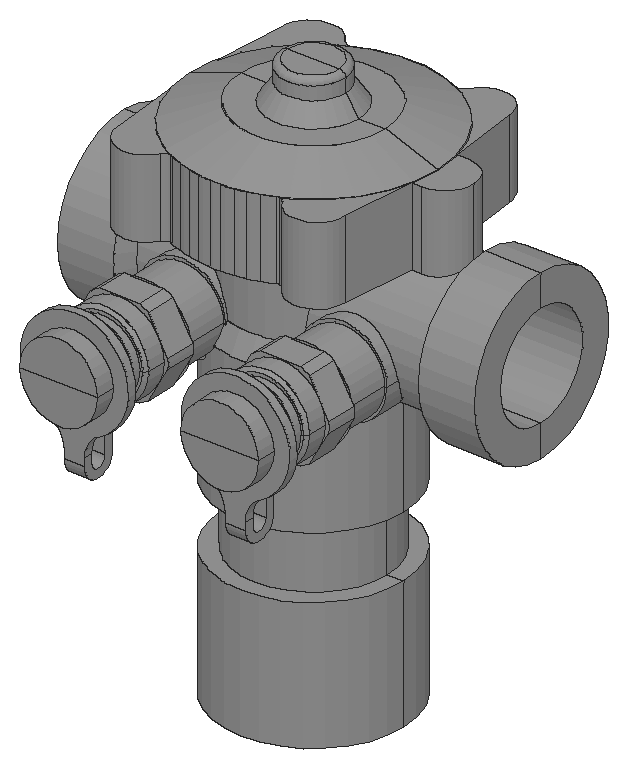
Revit family "Kombiventil 4206_M_SMART_LF_MF", category Rohrzubehör, Revit 2018
Family settings
  Bemaßung runder Anschluss = Durchmesser verwenden
  Teiletyp = Unterbricht
  OmniClass-Nummer = 23.65.55.14
  OmniClass-Titel = Valves for Liquid Services
  Arbeitsebenenbasiert = Nein
  Immer vertikal = Ja
  Beim Laden mit Abzugskörper schneiden = Nein
  Gemeinsam genutzt = Nein
Parameters (values of type "LF")
  min.Betriebstemperatur (reines Wasser) = 2 °C  # constant formula
  min.Betriebstemperatur (Frostschutz) = -20 °C  # constant formula
  max.Differenzdruck = 400000.0 Pa  # constant formula
  max.Betriebstemperatur bis DN32 = 130 °C  # constant formula
  max.Betriebstemperatur ab DN40 = 110 °C  # constant formula
  max.Betriebsdruck = 1600000.0 Pa  # constant formula
  URL = "www.herz-armaturen.at"
  Stift = "Edelstahl 14301"  # constant formula
  SCRNSEQ = "ARM;ARM_TYP=\"DURR\";2"
  SCRNCODE = "05;04;02"  # constant formula
  S04 [instance] = R01 * 2  # 30.00 mm
  S01 [instance] = L01 + L02  # 75.00 mm
  R02 [instance] = size_lookup("4206M_LF_MF_S", "R2", 9.32 mm, Nennweite)  # 9.316 mm
  R01 [instance] = size_lookup("4206M_LF_MF_S", "R1", 15.00 mm, Nennweite)  # 15.00 mm
  PN = 25  # constant formula
  O-Ringe = "EPDM"  # constant formula
  Membrangehäuse = "Messing CW602N"  # constant formula
  Membrane = "EPDM"  # constant formula
  Medium = "Wasserbeschaffenheit nach ÖNORM H 5195 und VDI 2035.\r\nDie Verwendung von Ethylen- und Propylenglykol ist im Mischungsverhältnis 25 - 50 Vol. [%] zulässig."
  MF [instance] = no
  LF [instance] = yes
  L06 = 3.44 mm  # constant formula
  Impulsleitung = "Kupfer Cu-DHP (CW024A)"  # constant formula
  Hub = 4.00 mm  # constant formula
  Hersteller = "Herz-Armaturen GmbH"  # constant formula
  H10 = 22.33 mm  # constant formula
  Gehäuse = "DZR Messing CC770S"  # constant formula
  Druckfeder = "Federstahl"  # constant formula
  Bestellnummer [instance] = if(and(LF, Nennweite = 15.00 mm), 1420620, if(and(MF, Nennweite = 15.00 mm), 1420629, 0))  # 1420620
  Bauschutzkappe = "Kunststoff"  # constant formula
  B15 = 23.00 mm  # constant formula
  B14 = 8.73 mm  # constant formula
  B13 = 40.79 mm  # constant formula
  B12 = 36.73 mm  # constant formula
  B11 = 34.69 mm  # constant formula
  B10 = 31.75 mm  # constant formula
  B09 [instance] = size_lookup("4206M_LF_MF_S", "B9", 3.30 mm, Nennweite)  # 3.30 mm
  Nennweite [instance] = 15.00 mm
  L05 = 3.44 mm  # constant formula
  L04 [instance] = size_lookup("4206M_LF_MF_S", "L4", 12.00 mm, Nennweite)  # 12.00 mm
  L03 [instance] = size_lookup("4206M_LF_MF_S", "L3", 10.00 mm, Nennweite)  # 10.00 mm
  L02 = 34.00 mm  # constant formula
  L01 = 41.00 mm  # constant formula
  H09 = 1.08 mm  # constant formula
  H08 = 4.24 mm  # constant formula
  H07 = 28.19 mm  # constant formula
  H06 = 24.02 mm  # constant formula
  H05 = 10.06 mm  # constant formula
  H04 = 6.74 mm  # constant formula
  H03 = 3.46 mm  # constant formula
  H02 [instance] = size_lookup("4206M_LF_MF_S", "H2", 65.00 mm, Nennweite)  # 67.00 mm
  H01 = 35.00 mm  # constant formula
  B08 = 23.05 mm  # constant formula
  B07 [instance] = size_lookup("4206M_LF_MF_S", "B7", 16.50 mm, Nennweite)  # 16.50 mm
  B06 = 5.86 mm  # constant formula
  B05 = 3.70 mm  # constant formula
  B04 = 6.75 mm  # constant formula
  B03 = 7.93 mm  # constant formula
  B02 [instance] = size_lookup("4206M_LF_MF_S", "B2", 12.50 mm, Nennweite)  # 12.50 mm
  B01 = 41.62 mm  # constant formula
  Anwendungsgebiet = "Das Kombiventil wird in allen pumpenbetriebenen Heiz- und Kühlanlagen eingesetzt. Der Regler begrenzt automatisch\r\nden Volumenstrom im gewählten Anlagenteil auf den einmal eingestellten Wert, indem alle Druckschwankungen\r\ngemessen und ausgeregelt werden. Somit sind keine Messungen erforderlich und die Regelung ist bei allen\r\nBetriebsbedingungen effektiv. Das Kombiventil regelt den Volumenstrom der ventileigenen Voreinstellung auf einen\r\nkonstanten Wert; die Membran regelt aufgrund des Druckes unmittelbar nach dem Regeleinsatz, sowie des Druckes\r\ndavor.\r\nDie Voreinstellung bezieht sich direkt auf den Volumenstrom; entsprechend kann die maximale Durchflussmenge bei\r\nder Montage direkt nach dem Diagramm eingestellt werden."
Types (3, lengths in mm): name | MF | LF | Bestellnummer
  (no name) | no | yes | 1420620
  LF | no | yes | 1420620
  MF | yes | no | 1420629
Reference planes
  plane 1 "Mitte (Vorne/hinten)": y = 0
  plane 2: z = 0
  plane 3 "Mitte (Links/rechts)": x = 0
Forms (mm)
  Revolve 1, solid, material "Messing, weicher Gelbton, geschweißt", detail levels fine
    sketch origin (0, 0, 0) x (1, 0, 0) y (0, 0, 1)
      loop
        line (0, -67) -> (16.292, -67) -> (16.292, -43.477) -> (13.292, -43.477) -> (13.292, -32.232) -> (16.292, -32.232) -> (16.292, -6.497) -> (14.505, -2.652) -> (14.505, 6.81) -> (22.33, 10.98) -> (22.33, 24.94) -> (12.949, 28.26) -> (8.129, 28.26) -> (5.75, 31.54) -> (5.75, 33.92)
        arc (5.75, 33.92) -> (5.434, 34.684) -> (4.67, 35) r 1.08
        line (4.67, 35) -> (0, 35) -> (0, -67)
      axis (0, 35) -> (0, -67)
    angle from 0 to 360
  Revolve 2, solid, material "Messing, weicher Gelbton, geschweißt", detail levels fine
    sketch origin (0, 0, -3.3) x (1, 0, 0) y (0, 1, 0)
      loop
        line (-20.43, -13.942) -> (-12.5, -13.942) -> (-12.5, -8.046) -> (-20.43, -8.046) -> (-20.43, -13.942)
      axis (-12.5, -8.046) -> (-12.5, -13.942)
    angle from 0 to 360
  Revolve 3, solid, material "Messing, weicher Gelbton, geschweißt", detail levels fine
    sketch origin (0, 0, 0) x (-1, 0, 0) y (0, 0, 1)
      loop
        line (34, 9.316) -> (34, 15) -> (24, 15) -> (22.317, 12) -> (-29.317, 12) -> (-31, 15) -> (-41, 15) -> (-41, 9.315) -> (-27.815, 9.315) -> (-27.815, 0) -> (20.815, 0) -> (20.815, 9.315) -> (34, 9.316)
      axis (-41, 0) -> (34, 0)
    angle from 0 to 360
  Extrusion 4, solid, material "Messing, weicher Gelbton, geschweißt", detail levels fine
    sketch origin (0, 0, 25.912) x (-1, 0, 0) y (0, -1, 0)
      loop
        arc (-20.427, -18.385) -> (-16.688, -23.223) -> (-11.063, -20.825) r 5
        arc (-11.063, -20.825) -> (-10.486, -20.308) -> (-9.758, -20.047) r 2.018
        arc (-9.758, -20.047) -> (0, -22.329) -> (9.758, -20.047) r 22
        arc (9.758, -20.047) -> (10.486, -20.308) -> (11.063, -20.825) r 2.018
        arc (11.063, -20.825) -> (16.688, -23.223) -> (20.427, -18.385) r 5
        arc (20.427, -18.385) -> (22, 0) -> (20.427, 18.385) r 108.221
        arc (20.427, 18.385) -> (16.688, 23.223) -> (11.063, 20.825) r 5
        arc (11.063, 20.825) -> (10.486, 20.308) -> (9.758, 20.047) r 2.018
        arc (9.758, 20.047) -> (0, 22.329) -> (-9.758, 20.047) r 22
        arc (-9.758, 20.047) -> (-10.486, 20.308) -> (-11.063, 20.825) r 2.018
        arc (-11.063, 20.825) -> (-16.688, 23.223) -> (-20.427, 18.385) r 5
        arc (-20.427, 18.385) -> (-21.356, 11.79) -> (-21.877, 5.15) r 108.221
        line (-21.877, 5.15) -> (-23.7, 5.15)
        arc (-23.7, 5.15) -> (-27.342, 3.642) -> (-28.85, 0) r 5.15
        arc (-28.85, 0) -> (-27.342, -3.642) -> (-23.7, -5.15) r 5.15
        line (-23.7, -5.15) -> (-21.877, -5.15)
        arc (-21.877, -5.15) -> (-21.356, -11.79) -> (-20.427, -18.385) r 108.221
    from -14.932 to -0.972
  Revolve 5, solid, material "Messing, weicher Gelbton, geschweißt", detail levels fine
    sketch origin (0, 0, -3.3) x (-1, 0, 0) y (0, -1, 0)
      loop
        line (-24.43, 13.942) -> (-24.43, 8.046) -> (-16.5, 8.046) -> (-16.5, 13.942) -> (-24.43, 13.942)
      axis (-16.5, 8.046) -> (-16.5, 13.942)
    angle from 0 to 360
Lines and regions (mm)
  model lines, detail levels coarse+medium
    curve 1: line (37.5, -15, 0) -> (37.5, 15, 0)
    curve 2: line (37.5, 15, 0) -> (-37.5, -15, 0)
    curve 3: line (-37.5, -15, 0) -> (-37.5, 15, 0)
    curve 4: line (-37.5, 15, 0) -> (37.5, -15, 0)
    curve 5: line (-37.5, 14.673, 0) -> (0, -6.74, 0)
    curve 6: line (0, -6.74, 0) -> (37.5, 14.673, 0)
    curve 7: line (0, -6.74, 0) -> (0, -24.94, 0)
    curve 8: spline (-22.33, -29.97, 0) -> (-21.569, -28.668, 0) -> (-19.338, -27.455, 0) -> (-15.79, -26.413, 0) -> (-11.165, -25.614, 0) -> (-5.779, -25.111, 0) -> (0, -24.94, 0) -> (5.779, -25.111, 0) -> (11.165, -25.614, 0) -> (15.79, -26.413, 0) -> (19.338, -27.455, 0) -> (21.569, -28.668, 0) -> (22.33, -29.97, 0) -> (21.569, -31.272, 0) -> (19.338, -32.485, 0) -> (15.79, -33.527, 0) -> (11.165, -34.326, 0) -> (5.779, -34.829, 0) -> (0, -35, 0) -> (-5.779, -34.829, 0) -> (-11.165, -34.326, 0) -> (-15.79, -33.527, 0) -> (-19.338, -32.485, 0) -> (-21.569, -31.272, 0) -> (-22.33, -29.97, 0)
    curve 9: line (-37.5, 0, 15) -> (-37.5, 0, -15)
    curve 10: line (-37.5, 0, -15) -> (37.5, 0, 15)
    curve 11: line (37.5, 0, 15) -> (37.5, 0, -15)
    curve 12: line (37.5, 0, -15) -> (-37.5, 0, 15)
    curve 13: line (37.5, 0, -15) -> (0, 0, 6.74)
    curve 14: line (0, 0, 6.74) -> (-37.5, 0, -15)
    curve 15: line (0, 0, 6.74) -> (0, 0, 24.94)
    curve 16: spline (-22.33, 0, 29.97) -> (-21.569, 0, 31.272) -> (-19.338, 0, 32.485) -> (-15.79, 0, 33.527) -> (-11.165, 0, 34.326) -> (-5.779, 0, 34.829) -> (0, 0, 35) -> (5.779, 0, 34.829) -> (11.165, 0, 34.326) -> (15.79, 0, 33.527) -> (19.338, 0, 32.485) -> (21.569, 0, 31.272) -> (22.33, 0, 29.97) -> (21.569, 0, 28.668) -> (19.338, 0, 27.455) -> (15.79, 0, 26.413) -> (11.165, 0, 25.614) -> (5.779, 0, 25.111) -> (0, 0, 24.94) -> (-5.779, 0, 25.111) -> (-11.165, 0, 25.614) -> (-15.79, 0, 26.413) -> (-19.338, 0, 27.455) -> (-21.569, 0, 28.668) -> (-22.33, 0, 29.97)
Dimensions and locks
  "H01": Revolve 1 sketch curve to plane 2
  "H02": plane 2 to Revolve 1 sketch curve
  "H03": Revolve 1 sketch curve to Revolve 1 sketch curve
  "H04": Revolve 1 sketch curve to Revolve 1 sketch curve
  "H05": Revolve 1 sketch curve to Revolve 1 sketch curve
  "H06": Revolve 1 sketch curve to Revolve 1 sketch curve
  "H07": Revolve 1 sketch curve to Revolve 1 sketch curve
  "H08": Revolve 1 sketch curve to Revolve 1 sketch curve
  "B03": Revolve 2 sketch curve to Revolve 2 sketch curve
  "L02": plane 3 "Mitte (Links/rechts)" to Revolve 3 sketch curve
  "L01": Revolve 3 sketch curve to plane 3 "Mitte (Links/rechts)"
  "B03": Revolve 5 sketch curve to Revolve 5 sketch curve
  "L03": Revolve 3 sketch curve to Revolve 3 sketch curve  (x2)
  "L04": Revolve 3 sketch curve to plane 2
  "L05": Revolve 3 sketch curve to Revolve 3 sketch curve
  "R01": Revolve 3 sketch curve to plane 2  (x2)
  "R02": Revolve 3 sketch curve to plane 2  (x2)
  "B02": Revolve 2 sketch curve to plane 3 "Mitte (Links/rechts)"
  "B07": plane 3 "Mitte (Links/rechts)" to Revolve 5 sketch curve
  "L06": Revolve 3 sketch curve to Revolve 3 sketch curve
  "S01": curve 3 to curve 1
  equal spacing: curve 3, plane 3 "Mitte (Links/rechts)", curve 1
  "S04": curve 4 to curve 3
  "S04": curve 2 to curve 4
  equal spacing: curve 3, plane 1 "Mitte (Vorne/hinten)", curve 4
  equal spacing: curve 4, plane 1 "Mitte (Vorne/hinten)", curve 2
  "H10": plane 3 "Mitte (Links/rechts)" to Revolve 1 sketch curve
  "H10": curve 8 to plane 3 "Mitte (Links/rechts)" to curve 8
  "H05": curve 8 to curve 8
  "H01": curve 8 to plane 1 "Mitte (Vorne/hinten)"
  "H04": curve 7 to plane 1 "Mitte (Vorne/hinten)"
  "S01": curve 9 to curve 11
  "S04": curve 12 to curve 14
  "S04": curve 11 to curve 13
  equal spacing: curve 9, plane 3 "Mitte (Links/rechts)", curve 11
  "H04": curve 15 to plane 2
  "H10": curve 16 to plane 3 "Mitte (Links/rechts)" to curve 16
  "H05": curve 16 to curve 16
  "H01": curve 16 to level
  plane 2 to Revolve 1 sketch curve = 32.232 mm
  plane 2 to Revolve 1 sketch curve = 43.477 mm
  "B09": plane 2 to Revolve 2
  "B09": plane 2 to Revolve 5
  "B09": plane 2 to nested 3
  "B09": plane 2 to nested 2
  "B01": nested 3 to plane 1 "Mitte (Vorne/hinten)"
  "B01": nested 2 to plane 1 "Mitte (Vorne/hinten)"
  "H09": radius of Revolve 1 sketch curve
  aligned and locked: level to plane 2
  aligned and locked: Extrusion 4 to Revolve 1
  aligned and locked: Revolve 1 to Extrusion 4
Automatic sketch dimensions
  Extrusion 4 sketch curve to Extrusion 4 sketch curve = 0.00 mm  (x5)
  plane 1 "Mitte (Vorne/hinten)" to Extrusion 4 sketch curve = 0.00 mm  (x3)
  Extrusion 4 sketch curve to plane 3 "Mitte (Links/rechts)" = 0.00 mm  (x2)
  plane 3 "Mitte (Links/rechts)" to Extrusion 4 sketch curve = 9.452 mm  (x2)
  Extrusion 4 sketch curve to Extrusion 4 sketch curve = 5.975 mm  (x4)
  Extrusion 4 sketch curve to plane 1 "Mitte (Vorne/hinten)" = 5.15 mm
  Extrusion 4 sketch curve to Extrusion 4 sketch curve = 6.45 mm
  Extrusion 4 sketch curve to Extrusion 4 sketch curve = 1.823 mm
  Extrusion 4 sketch curve to Extrusion 4 sketch curve = 57.371 mm
  Extrusion 4 sketch curve to plane 3 "Mitte (Links/rechts)" = 9.452 mm  (x2)
  Extrusion 4 sketch curve to Extrusion 4 sketch curve = 70.794 mm
  Extrusion 4 sketch curve to Extrusion 4 sketch curve = 13.235 mm  (x2)
  Extrusion 4 sketch curve to plane 1 "Mitte (Vorne/hinten)" = 18.385 mm
  Extrusion 4 sketch curve to Extrusion 4 sketch curve = 3.657 mm  (x4)
  plane 1 "Mitte (Vorne/hinten)" to Extrusion 4 sketch curve = 0.329 mm
  plane 1 "Mitte (Vorne/hinten)" to Extrusion 4 sketch curve = 18.385 mm
  Extrusion 4 sketch curve to Extrusion 4 sketch curve = 0.306 mm  (x3)
  Extrusion 4 sketch curve to Extrusion 4 sketch curve = 1.305 mm  (x3)
  Extrusion 4 sketch curve to Extrusion 4 sketch curve = 5.00 mm
  Extrusion 4 sketch curve to plane 1 "Mitte (Vorne/hinten)" = 0.329 mm
  Extrusion 4 sketch curve to Extrusion 4 sketch curve = 1.611 mm
  curve 6 to plane 3 "Mitte (Links/rechts)" = 0.00 mm
  curve 6 to curve 1 = 0.327 mm
  curve 5 to curve 3 = 0.327 mm
  Revolve 1 sketch curve to plane 3 "Mitte (Links/rechts)" = 0.00 mm  (x2)
  plane 3 "Mitte (Links/rechts)" to Revolve 1 sketch curve = 4.67 mm
  Revolve 1 sketch curve to Revolve 1 sketch curve = 2.379 mm
  Revolve 1 sketch curve to Revolve 1 sketch curve = 4.82 mm
  plane 3 "Mitte (Links/rechts)" to Revolve 1 sketch curve = 13.292 mm
  Revolve 1 sketch curve to Revolve 1 sketch curve = 7.825 mm
  Revolve 1 sketch curve to Revolve 1 sketch curve = 3.00 mm  (x2)
  Revolve 1 sketch curve to level = 6.497 mm
  Revolve 1 sketch curve to Revolve 1 sketch curve = 292.892 mm
  Revolve 1 sketch curve to Revolve 1 sketch curve = 2176.299 mm
  plane 1 "Mitte (Vorne/hinten)" to Revolve 2 sketch curve = 13.942 mm
  Revolve 2 sketch curve to Revolve 2 sketch curve = 5.896 mm
  Revolve 2 sketch curve to Revolve 2 sketch curve = 0.00 mm  (x2)
  Revolve 2 sketch curve to Revolve 2 sketch curve = 27.678 mm
  Revolve 3 sketch curve to level = 0.00 mm  (x2)
  Revolve 3 sketch curve to Revolve 3 sketch curve = 1.501 mm  (x2)
  Revolve 3 sketch curve to Revolve 3 sketch curve = 1315.107 mm
  Revolve 3 sketch curve to Revolve 3 sketch curve = 1862.053 mm
  plane 1 "Mitte (Vorne/hinten)" to Revolve 5 sketch curve = 8.046 mm
  Revolve 5 sketch curve to Revolve 5 sketch curve = 5.896 mm
  Revolve 5 sketch curve to Revolve 5 sketch curve = 0.00 mm  (x2)
  Revolve 5 sketch curve to Revolve 5 sketch curve = 27.678 mm
  curve 14 to plane 3 "Mitte (Links/rechts)" = 0.00 mm
  curve 11 to level = 15.00 mm
  curve 14 to level = 15.00 mm
Nested families
  nested 1: "Herz-Logo-vorne" at (0, -16.164, -15) x (0, 1, 0) z (0, 0, 1), type "Herz-Logo-vorne", detail levels fine
  nested 2: "Messstutzen_Band_Eintritt" at (16.5, -4.942, -3.3), type "Messstutzen_Band_Eintritt"
    with Schutzkappe yes, Nennweite 0.00 mm, Gewicht 0.00 kg, Bestellnummer 0
  nested 3: "Messstutzen_Band_Austritt" at (-12.5, -4.942, -3.3), type "Messstutzen_Band_Austritt"
    with Schutzkappe yes, Nennweite 0.00 mm, Gewicht 0.00 kg, Bestellnummer 0
Connectors
  piping at (-20.815, 0, 0), diameter 15, driven by "Nennweite"
    settings: on Revolve 3, index 1, connector inside diameter 609.6 mm, connector length 0.00 mm, flow factor 0, pipe flow 0.0 L/s, pressure drop 0.0 Pa, fitting loss kfactor 0, connector angle 0.00°, fixture units 0, engagement length 0.00 mm, angle of deflection 0.00°, flow configuration 0, flow direction 2, fitting loss method 0, system type 29, joint type 0, gender type 0, connector reference index -1, connector utility 0, adjustable connector no, is connector primary yes, connector description ""
  piping at (27.815, 0, 0), diameter 15, driven by "Nennweite"
    settings: on Revolve 3, index 2, connector inside diameter 609.6 mm, connector length 0.00 mm, flow factor 0, pipe flow 0.0 L/s, pressure drop 0.0 Pa, fitting loss kfactor 0, connector angle 0.00°, fixture units 0, engagement length 0.00 mm, angle of deflection 0.00°, flow configuration 0, flow direction 1, fitting loss method 0, system type 29, joint type 0, gender type 0, connector reference index -1, connector utility 0, adjustable connector no, is connector primary no, connector description ""
Definition of nested family "Herz-Logo-vorne"
  Reference planes
    plane 1 "Mitte (Vorne/hinten)": y = 0
    plane 2: z = 0
    plane 3 "Mitte (Links/rechts)": x = 0
  Forms (mm)
    Extrusion 1, solid
      sketch origin (0.732, -0.018, 0.017) x (0, -1, 0) y (0, 0, 1)
        loop
          line (-0.018, -4.517) -> (4.482, -4.517) -> (4.482, 4.483) -> (-4.518, 4.483) -> (-4.518, -4.517) -> (-0.018, -4.517)
        loop
          line (-0.05, -3.48) -> (3.482, -3.48) -> (3.482, 3.483) -> (-3.518, 3.483) -> (-3.518, -3.48) -> (-0.05, -3.48)
        loop
          arc (-0.018, 2.383) -> (-1.543, 3.287) -> (-3.067, 2.383) r 1.738
          arc (-3.067, 2.383) -> (-3.191, 1.899) -> (-3.067, 1.415) r 1.009
          line (-3.067, 1.415) -> (-0.018, -3.281) -> (3.032, 1.415)
          arc (3.032, 1.415) -> (3.156, 1.899) -> (3.032, 2.383) r 1.009
          arc (3.032, 2.383) -> (1.507, 3.287) -> (-0.018, 2.383) r 1.738
        loop
          arc (1.885, 1.272) -> (2.005, 1.675) -> (1.885, 2.079) r 0.74
          arc (1.885, 2.079) -> (1.265, 2.416) -> (0.644, 2.079) r 0.74
          line (0.644, 2.079) -> (-0.018, 0.97) -> (-0.679, 2.079)
          arc (-0.679, 2.079) -> (-1.3, 2.416) -> (-1.921, 2.079) r 0.74
          arc (-1.921, 2.079) -> (-2.04, 1.675) -> (-1.921, 1.272) r 0.74
          line (-1.921, 1.272) -> (-0.018, -1.658) -> (1.885, 1.272)
      from 0 to 1.5
  Dimensions and locks
    aligned and locked: level to plane 2
Definition of nested family "Messstutzen_Band_Eintritt"
  Parameters (values of type "Messstutzen_Band_Eintritt")
    URL = "www.herz-armaturen.at"
    Schutzkappe [instance] = yes
    Nennweite [instance] = 0.00 mm
    Manufacturer = "Herz Armaturen GmbH"  # constant formula
    Gewicht [instance] = 0.00 kg
    Bestellnummer [instance] = 0
  Reference planes
    plane 1 "Mitte (Vorne/hinten)": y = 0
    plane 2: z = 0
    plane 3 "Mitte (Links/rechts)": x = 0
    plane 4 "Schlaufe 1": y = -27
    plane 5 "Schlaufe 2": y = -31.678
  Forms (mm)
    Revolve 1, solid, detail levels fine
      sketch origin (0, 0, 0) x (1, 0, 0) y (0, 1, 0)
        loop
          line (-7.4, -9) -> (-7.4, -16.5)
          arc (-7.4, -16.5) -> (-7.693, -17.207) -> (-8.4, -17.5) r 1
          line (-8.4, -17.5) -> (-2, -17.5) -> (-2, 0) -> (-5.555, 0) -> (-6.455, -0.9) -> (-6.455, -4.681) -> (-5.843, -5.293)
          arc (-5.843, -5.293) -> (-5.626, -5.617) -> (-5.55, -6) r 1
          line (-5.55, -6) -> (-5.55, -9) -> (-7.4, -9)
        loop
          line (-3.7, -27) -> (-3.7, -30.45) -> (-4.415, -30.863) -> (-4.415, -35.19) -> (-3.805, -35.8) -> (-2, -35.8) -> (-2, -23) -> (-7.9, -23) -> (-7.9, -26.4) -> (-7.3, -27) -> (-3.7, -27)
        axis (0, 0) -> (0, -35.8)
      angle from 0 to 360
    Extrusion 2, solid, detail levels fine
      sketch origin (0, -17.5, 0) x (-1, 0, 0) y (0, 0, -1)
        loop
          line (5.156, -7.07) -> (8.7, -0.93)
          arc (8.7, -0.93) -> (8.75, 0) -> (8.7, 0.93) r 8.75
          line (8.7, 0.93) -> (5.156, 7.07)
          arc (5.156, 7.07) -> (4.375, 7.578) -> (3.544, 8) r 8.75
          line (3.544, 8) -> (-3.544, 8)
          arc (-3.544, 8) -> (-4.375, 7.578) -> (-5.156, 7.07) r 8.75
          line (-5.156, 7.07) -> (-8.7, 0.93)
          arc (-8.7, 0.93) -> (-8.75, 0) -> (-8.7, -0.93) r 8.75
          line (-8.7, -0.93) -> (-5.156, -7.07)
          arc (-5.156, -7.07) -> (-4.375, -7.578) -> (-3.544, -8) r 8.75
          line (-3.544, -8) -> (3.544, -8)
          arc (3.544, -8) -> (4.375, -7.578) -> (5.156, -7.07) r 8.75
      from 0 to 5.5
    Revolve 3, solid, visible <- "Schutzkappe", detail levels fine
      sketch origin (0, 0, 0) x (1, 0, 0) y (0, 1, 0)
        loop
          line (0, -35.878) -> (-3.805, -35.878) -> (-4.415, -35.268) -> (-4.415, -30.178) -> (-6.9, -30.178) -> (-6.9, -31.678) -> (-6.1, -31.678) -> (-6.1, -33.378) -> (-7, -33.378) -> (-7, -36.678) -> (0, -36.678) -> (0, -35.878)
        axis (0, -30.178) -> (0, -36.678)
      angle from 0 to 360
    Extrusion 4, solid, detail levels fine
      sketch origin (0, -27, 0) x (0, 0, -1) y (-1, 0, 0)
        loop
          circle (0, 0) r 3.7
        loop
          arc (5.505, 3.906) -> (-6.75, 0) -> (5.505, -3.906) r 6.75
          arc (5.505, -3.906) -> (7.288, -2.358) -> (9.582, -1.8) r 5
          line (9.582, -1.8) -> (9.582, 1.8)
          arc (9.582, 1.8) -> (7.288, 2.358) -> (5.505, 3.906) r 5
      from 0 to -1.5
    Extrusion 5, solid, detail levels fine
      sketch origin (0, -31.678, 0) x (0, 0, -1) y (-1, 0, 0)
        loop
          circle (0, 0) r 6.1
        loop
          arc (8.652, 4.495) -> (-9.75, 0) -> (8.652, -4.495) r 9.75
          arc (8.652, -4.495) -> (10.493, -2.527) -> (13.089, -1.8) r 5
          line (13.089, -1.8) -> (13.089, 1.8)
          arc (13.089, 1.8) -> (10.493, 2.527) -> (8.652, 4.495) r 5
      from 0 to -1.5
    Sweep 6, solid, detail levels fine
      path origin (0, 0, 0) x (0, 1, 0) y (0, 0, 1)
        loop
          line (-27.75, -9.582) -> (-27.75, -14.522)
          arc (-27.75, -14.522) -> (-30.089, -16.862) -> (-32.428, -14.522) r 2.339
          line (-32.428, -14.522) -> (-32.428, -13.089)
      profile origin (0, -27.75, -12.052) x (1, 0, 0) y (0, 1, 0)
        loop
          line (-1.8, 0.75) -> (-1.8, -0.75) -> (1.8, -0.75) -> (1.8, 0.75) -> (-1.8, 0.75)
  Cuts and joins
    joined: Extrusion 4, Extrusion 5, Sweep 6
  Dimensions and locks
    aligned and locked: level to plane 2
Definition of nested family "Messstutzen_Band_Austritt"
  Parameters (values of type "Messstutzen_Band_Austritt")
    URL = "www.herz-armaturen.at"
    Schutzkappe [instance] = yes
    Nennweite [instance] = 0.00 mm
    Manufacturer = "Herz Armaturen GmbH"  # constant formula
    Gewicht [instance] = 0.00 kg
    Bestellnummer [instance] = 0
  Reference planes
    plane 1 "Mitte (Vorne/hinten)": y = 0
    plane 2: z = 0
    plane 3 "Mitte (Links/rechts)": x = 0
    plane 4 "Schlaufe 1": y = -27
    plane 5 "Schlaufe 2": y = -31.678
  Forms (mm)
    Revolve 1, solid, detail levels fine
      sketch origin (0, 0, 0) x (1, 0, 0) y (0, 1, 0)
        loop
          line (-7.4, -9) -> (-7.4, -16.5)
          arc (-7.4, -16.5) -> (-7.693, -17.207) -> (-8.4, -17.5) r 1
          line (-8.4, -17.5) -> (-2, -17.5) -> (-2, 0) -> (-5.555, 0) -> (-6.455, -0.9) -> (-6.455, -4.681) -> (-5.843, -5.293)
          arc (-5.843, -5.293) -> (-5.626, -5.617) -> (-5.55, -6) r 1
          line (-5.55, -6) -> (-5.55, -9) -> (-7.4, -9)
        loop
          line (-3.7, -27) -> (-3.7, -30.45) -> (-4.415, -30.863) -> (-4.415, -35.19) -> (-3.805, -35.8) -> (-2, -35.8) -> (-2, -23) -> (-7.9, -23) -> (-7.9, -26.4) -> (-7.3, -27) -> (-3.7, -27)
        axis (0, 0) -> (0, -35.8)
      angle from 0 to 360
    Extrusion 2, solid, detail levels fine
      sketch origin (0, -17.5, 0) x (-1, 0, 0) y (0, 0, -1)
        loop
          line (5.156, -7.07) -> (8.7, -0.93)
          arc (8.7, -0.93) -> (8.75, 0) -> (8.7, 0.93) r 8.75
          line (8.7, 0.93) -> (5.156, 7.07)
          arc (5.156, 7.07) -> (4.375, 7.578) -> (3.544, 8) r 8.75
          line (3.544, 8) -> (-3.544, 8)
          arc (-3.544, 8) -> (-4.375, 7.578) -> (-5.156, 7.07) r 8.75
          line (-5.156, 7.07) -> (-8.7, 0.93)
          arc (-8.7, 0.93) -> (-8.75, 0) -> (-8.7, -0.93) r 8.75
          line (-8.7, -0.93) -> (-5.156, -7.07)
          arc (-5.156, -7.07) -> (-4.375, -7.578) -> (-3.544, -8) r 8.75
          line (-3.544, -8) -> (3.544, -8)
          arc (3.544, -8) -> (4.375, -7.578) -> (5.156, -7.07) r 8.75
      from 0 to 5.5
    Revolve 3, solid, visible <- "Schutzkappe", detail levels fine
      sketch origin (0, 0, 0) x (1, 0, 0) y (0, 1, 0)
        loop
          line (0, -35.878) -> (-3.805, -35.878) -> (-4.415, -35.268) -> (-4.415, -30.178) -> (-6.9, -30.178) -> (-6.9, -31.678) -> (-6.1, -31.678) -> (-6.1, -33.378) -> (-7, -33.378) -> (-7, -36.678) -> (0, -36.678) -> (0, -35.878)
        axis (0, -30.178) -> (0, -36.678)
      angle from 0 to 360
    Extrusion 4, solid, detail levels fine
      sketch origin (0, -27, 0) x (0, 0, -1) y (-1, 0, 0)
        loop
          circle (0, 0) r 3.7
        loop
          arc (5.505, 3.906) -> (-6.75, 0) -> (5.505, -3.906) r 6.75
          arc (5.505, -3.906) -> (7.288, -2.358) -> (9.582, -1.8) r 5
          line (9.582, -1.8) -> (9.582, 1.8)
          arc (9.582, 1.8) -> (7.288, 2.358) -> (5.505, 3.906) r 5
      from 0 to -1.5
    Extrusion 5, solid, detail levels fine
      sketch origin (0, -31.678, 0) x (0, 0, -1) y (-1, 0, 0)
        loop
          circle (0, 0) r 6.1
        loop
          arc (8.652, 4.495) -> (-9.75, 0) -> (8.652, -4.495) r 9.75
          arc (8.652, -4.495) -> (10.493, -2.527) -> (13.089, -1.8) r 5
          line (13.089, -1.8) -> (13.089, 1.8)
          arc (13.089, 1.8) -> (10.493, 2.527) -> (8.652, 4.495) r 5
      from 0 to -1.5
    Sweep 6, solid, detail levels fine
      path origin (0, 0, 0) x (0, 1, 0) y (0, 0, 1)
        loop
          line (-27.75, -9.582) -> (-27.75, -14.522)
          arc (-27.75, -14.522) -> (-30.089, -16.862) -> (-32.428, -14.522) r 2.339
          line (-32.428, -14.522) -> (-32.428, -13.089)
      profile origin (0, -27.75, -12.052) x (1, 0, 0) y (0, 1, 0)
        loop
          line (-1.8, 0.75) -> (-1.8, -0.75) -> (1.8, -0.75) -> (1.8, 0.75) -> (-1.8, 0.75)
  Cuts and joins
    joined: Extrusion 4, Extrusion 5, Sweep 6
  Dimensions and locks
    aligned and locked: level to plane 2
